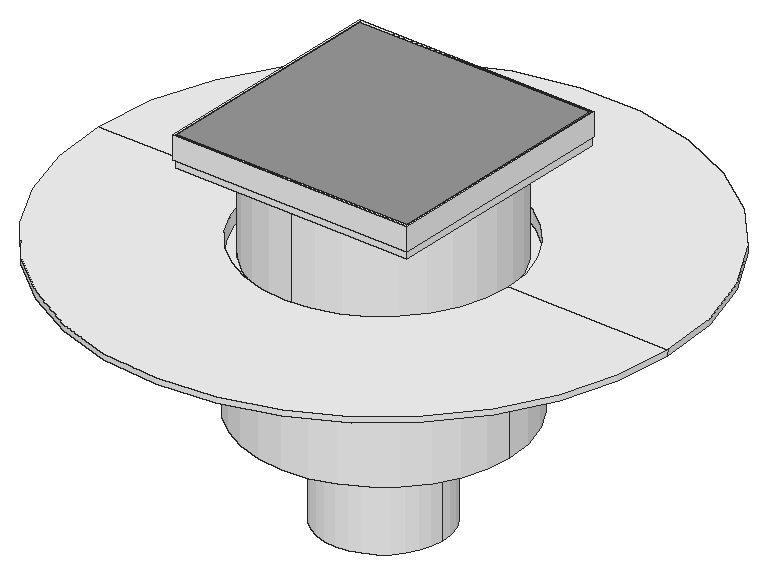
Revit family "HL_RU_Roof drain_HL62BP-B-221103", category Sanitärinstallationen, Revit 2020
Family settings
  Bemaßung runder Anschluss = Durchmesser verwenden
  Teiletyp = Normal
  OmniClass-Nummer = 23.70.50.21.24.14
  OmniClass-Titel = Deck Waste Water Drains
  Arbeitsebenenbasiert = Nein
  Immer vertikal = Ja
  Beim Laden mit Abzugskörper schneiden = Nein
  Gemeinsam genutzt = Nein
  Raumberechnungspunkt = Ja
Parameters (values of type "HL_Кровельная воронка_HL62BP_7")
  РЕШЁТКА = "Edelstahl 137x137mm"
  РАЗМЕР = "DN75"
  ПРОПУСКНАЯ СПОСОБНОСТЬ [instance] = 0.0 L/s
  ПРОИЗВОДИТЕЛЬНОСТЬ = "6,0 l/s"
  ПРАВОВАЯ ИНФОРМАЦИЯ = "Авторские права(©), права на дизайн или какие либо другие права интелектуальной собственности являются исключительной собственностью компании HL Hutterer & Lechner. Изменению не подлежит. Файл семейства с данными о прозводителе изделия защищен паролем с водяным знаком."
  НОМИНАЛЬНЫЙ ДИАМЕТР = 75 mm
  НАСАДКА = "12-65mm/148x148mm"
  МАТЕРИАЛ = "PP/PVC"
  МАКСИМАЛЬНАЯ НАГРУЗКА КЛАССА = "K - 300 kg"
  ВЫСОТА МОНТАЖА = "120 mm"
  ВЕС = "1,4 [kg]"
  Vorgabe-Ansicht = 0 mm
  Hersteller = "HL Hutterer & Lechner GmbH"  # constant formula
  URL = "http://www.hutterer-lechner.com/ru/products/catalog/roof-drains/HL62BP/7.aspx"
  Материал плитка [instance] = none
  Lüftungsverbindung = no
  Abwasserrohrverbindung = yes
  HW-Verbindung = no
  KW-Verbindung = no
  Beschreibung = "Кровельные воронки"
  Model = "HL62BP_7"
  Assembly Code = " "
  Typenkommentare = "HL62BP/7 Кровельная воронка DN75 с ПВХ_консолью для эксплуатируемой кровли _ 148х148мм/137х137мм,"
  Keynote = "HL62BP_7"
  Bысота монтажа [instance] = 65 mm  # constant formula
  G [instance] = 180.00°  # constant formula
  EAN = "9003076022311"
  D [instance] = if(НОМИНАЛЬНЫЙ ДИАМЕТР = 75 mm, 58 mm, 60 mm) + Bысота монтажа  # 123 mm
  C [instance] = if(Bысота монтажа - 68 mm < 0 mm, 0 mm, Bысота монтажа - 68 mm)  # 0 mm
  B [instance] = 100 mm  # constant formula
  A [instance] = if(B - 100 mm > 15 mm, B - 100 mm, 15 mm)  # 15 mm
Types (5, lengths in mm): name | РАЗМЕР | НОМИНАЛЬНЫЙ ДИАМЕТР | ВЕС | URL | Model | Typenkommentare | Keynote | EAN | D
  (no name) | "DN75" | 75 | "1,4 [kg]" | "http://www.hutterer-lechner.com/ru/products/catalog/roof-drains/HL62BP/7.aspx" | "HL62BP_7" | "HL62BP/7 Кровельная воронка DN75 с ПВХ_консолью для эксплуатируемой кровли _ 148х148мм/137х137мм," | "HL62BP_7" | "9003076022311" | 123
  HL_Кровельная воронка_HL62BP_1 | "DN110" | 110 | "1,36 [kg]" | "http://www.hutterer-lechner.com/ru/products/catalog/roof-drains/HL62BP/1.aspx" | "HL62BP_1" | "HL62BP/1 Кровельная воронка DN110 с ПВХ_консолью для эксплуатируемой кровли _ 148х148мм/137х137мм," | "HL62BP_1" | "9003076022250" | 125
  HL_Кровельная воронка_HL62BP_2 | "DN125" | 125 | "1,67 [kg]" | "http://www.hutterer-lechner.com/ru/products/catalog/roof-drains/HL62BP/2.aspx" | "HL62BP_2" | "HL62BP/2 Кровельная воронка DN125 с ПВХ_консолью для эксплуатируемой кровли _ 148х148мм/137х137мм," | "HL62BP_2" | "9003076022274" | 125
  HL_Кровельная воронка_HL62BP_5 | "DN160" | 160 | "1,72 [kg]" | "http://www.hutterer-lechner.com/ru/products/catalog/roof-drains/HL62BP/5.aspx" | "HL62BP_5" | "HL62BP/5 Кровельная воронка DN160 с ПВХ_консолью для эксплуатируемой кровли _ 148х148мм/137х137мм," | "HL62BP_5" | "9003076022298" | 125
  HL_Кровельная воронка_HL62BP_7 | "DN75" | 75 | "1,4 [kg]" | "http://www.hutterer-lechner.com/ru/products/catalog/roof-drains/HL62BP/7.aspx" | "HL62BP_7" | "HL62BP/7 Кровельная воронка DN75 с ПВХ_консолью для эксплуатируемой кровли _ 148х148мм/137х137мм," | "HL62BP_7" | "9003076022311" | 123
Reference planes
  plane 1 "Center (Front/Back)": y = 0
  plane 2: z = 0
  plane 3 "Center (Left/Right)": x = 0
  plane 4: z = -100
  plane 5: z = -65
Lines and regions (mm)
  model lines, style "InvisibleLines"
    curve 1: line (0, 0, 0) -> (0, 0, 20)
  model lines, style "PlumbingFixtures", detail levels coarse+medium
    curve 2: line (0, 0, -100) -> (0, 0, -85)
    curve 3: line (0, 0, -85) -> (-85, 0, 0)
    curve 4: line (0, 0, -85) -> (85, 0, 0)
    curve 6: line (0, 0, -100) -> (0, 0, -223)
  reference lines, not visible
    curve 5: line (0, 0, -100) -> (0, 0, -223)
  symbolic lines, style "PlumbingFixtures", detail levels coarse+medium
    curve 7: line (-75, 75, 0) -> (75, 75, 0)
    curve 8: line (-75, -75, 0) -> (-75, 75, 0)
    curve 9: line (75, -75, 0) -> (-75, -75, 0)
    curve 10: line (75, 75, 0) -> (75, -75, 0)
    curve 11: line (-75, 75, 0) -> (-145.711, 145.711, 0)
    curve 12: line (75, 75, 0) -> (145.711, 145.711, 0)
    curve 13: line (-75, -75, 0) -> (-145.711, -145.711, 0)
    curve 14: line (75, -75, 0) -> (145.711, -145.711, 0)
  symbolic lines, style "PlumbingFixtures", not visible, detail levels coarse+medium
    curve 15: line (-75, 75, 0) -> (75, 75, 0)
    curve 16: line (-75, -75, 0) -> (-75, 75, 0)
    curve 17: line (75, -75, 0) -> (-75, -75, 0)
    curve 18: line (75, 75, 0) -> (75, -75, 0)
    curve 19: line (-75, 75, 0) -> (-145.711, 145.711, 0)
    curve 20: line (75, 75, 0) -> (145.711, 145.711, 0)
    curve 21: line (-75, -75, 0) -> (-145.711, -145.711, 0)
    curve 22: line (75, -75, 0) -> (145.711, -145.711, 0)
Text (mm)
  text "FLOOR" at (-162.344, 0, -10.979), in view "Drain Construction View"
Dimensions and locks
  "B": plane 2 to plane 4
  "Bысота монтажа": plane 2 to plane 5
  "A": curve 4 to plane 4
  "D": curve 5 to curve 5
  "D": curve 6 to curve 6
  locked: curve 4 to plane 3 "Center (Left/Right)" (angle 45.00°)
  locked: plane 3 "Center (Left/Right)" to curve 3 (angle 45.00°)
  "G": angle curve 5 to plane 3 "Center (Left/Right)"
  aligned and locked: level to plane 2
  aligned and locked: plane 2 to curve 4
  aligned and locked: plane 2 to curve 3
  aligned and locked: plane 4 to curve 5
  aligned and locked: plane 3 "Center (Left/Right)" to curve 5
  aligned and locked: plane 4 to curve 2
  aligned and locked: curve 6 to plane 3 "Center (Left/Right)"
  aligned and locked: curve 6 to plane 4
  aligned and locked: plane 3 "Center (Left/Right)" to nested 1
  aligned and locked: plane 2 to nested 1
  aligned and locked: plane 3 "Center (Left/Right)" to nested 2
  aligned and locked: nested 2 to plane 5
Automatic sketch dimensions
  curve 2 to plane 3 "Center (Left/Right)" = 0 mm
  curve 1 to plane 3 "Center (Left/Right)" = 0 mm
  curve 1 to level = 0 mm
  level to curve 1 = 20 mm
Nested families
  nested 1: "HL_Насадка_HL66.9S" at (0, 0, 0), Bысота монтажа <- "Bысота монтажа", type "HL_Grate frame_HL66.9S"
    with L 93 mm, IHmin 12 mm, IHmax 65 mm, Bысота монтажа 65 mm
  nested 2: "HL_кровельные воронки - корпус_HL62P" at (0, 0, -65), НОМИНАЛЬНЫЙ ДИАМЕТР <- "НОМИНАЛЬНЫЙ ДИАМЕТР", type "HL_кровельные воронки - корпус_HL62P"
    with НОМИНАЛЬНЫЙ ДИАМЕТР 75 mm, L 62 mm
Connectors
  piping at (0, 0, -223), diameter 75, driven by "ПРОПУСКНАЯ СПОСОБНОСТЬ", driven by "НОМИНАЛЬНЫЙ ДИАМЕТР"
    settings: on curve 5, index 1, connector inside diameter 609.6 mm, connector length 0 mm, flow factor 0, pipe flow 0.0 L/s, pressure drop 0.0 Pa, fitting loss kfactor 0, connector angle 0.00°, fixture units 0, engagement length 0 mm, angle of deflection 0.00°, flow configuration 1, flow direction 2, fitting loss method 0, system type 16, joint type 0, gender type 0, connector reference index -1, connector utility 0, adjustable connector yes, is connector primary yes, connector description ""
Definition of nested family "HL_Насадка_HL66.9S"
  Parameters (values of type "HL_Grate frame_HL66.9S")
    РЕШЁТКА = "Edelstahl 138x138mm"
    РАЗМЕР = "d 145 mm"
    ПРАВОВАЯ ИНФОРМАЦИЯ = "Авторские права(©), права на дизайн или какие либо другие права интелектуальной собственности являются исключительной собственностью компании HL Hutterer & Lechner. Изменению не подлежит. Файл семейства с данными о прозводителе изделия защищен паролем с водяным знаком."
    НАСАДКА = "147x147mm"
    МАТЕРИАЛ = "PP"
    МАКСИМАЛЬНАЯ НАГРУЗКА КЛАССА = "K - 300 kg"
    ВЫСОТА МОНТАЖА = "12-65mm"
    Материал плитка = none
    ВЕС = "0,345 [kg]"
    Default Elevation = 0 mm
    L [instance] = if(Bысота монтажа < IHmin, -100 mm, if(Bысота монтажа > IHmax, -100 mm, Bысота монтажа + 28 mm))  # 93 mm
    Manufacturer = "HL Hutterer & Lechner GmbH"
    URL = "http://www.hutterer-lechner.com/ru/products/catalog/roof-drains/HL66.9.aspx"
    Description = "Кровельные воронки"
    Model = "HL66.9"
    Type Comments = "HL66.9, Насадка d 145мм с бороздками/147х147мм/138х138мм"
    Keynote = "HL66.9"
    Bысота монтажа [instance] = 65 mm
    IHmin [instance] = 12 mm
    IHmax [instance] = 65 mm
    EAN = "9003076014606"
    Cost = 0
  Reference planes
    plane 1 "Střed (vpředu/vzadu)": y = 0
    plane 2: z = 0
    plane 3 "Střed (vlevo/vpravo)": x = 0
  Forms (mm)
    Revolve 1, solid, detail levels fine
      sketch origin (0, 0, 128) x (0, 1, 0) y (0, 0, 1)
        loop
          line (72.5, -142) -> (69.248, -142) -> (69.248, -221) -> (72.5, -221) -> (72.5, -142)
        axis (0, -142) -> (0, -221)
      angle from 0 to 360
    Extrusion 2, solid, detail levels fine
      sketch origin (-1.537, 0, -14.6) x (0, 1, 0) y (-1, 0, 0)
        loop
          line (74, 72.459) -> (-74, 72.459) -> (-74, -75.537) -> (74, -75.537) -> (74, 72.459)
        loop
          line (73, 71.463) -> (-73, 71.463) -> (-73, -74.537) -> (73, -74.537) -> (73, 71.463)
      from 0.6 to 14.6
    Extrusion 3, solid, detail levels fine
      sketch origin (-1.537, 0, -14) x (-1, 0, 0) y (0, 1, 0)
        loop
          line (71.463, 73) -> (-74.537, 73) -> (-74.537, -73) -> (71.463, -73) -> (71.463, 73)
        loop
          circle (-1.537, 0) r 72.5
      from 0 to 5
    Extrusion 4, solid, detail levels fine
      sketch origin (-1.537, 0, -14) x (-1, 0, 0) y (0, -1, 0)
        loop
          line (70.95, -72.397) -> (70.95, 72.463) -> (-74.05, 72.463) -> (-74.05, -72.397) -> (70.95, -72.397)
      from 0 to 14
    Revolve 5, solid, detail levels fine
      sketch origin (0, 75.989, -93) x (0, -1, 0) y (0, 0, -1)
        loop
          line (3.489, -20) -> (3.489, 0) -> (0.186, 0) -> (-2.325, -2.511) -> (-2.325, -20) -> (3.489, -20)
        axis (75.989, -20) -> (75.989, 0)
      angle from 0 to 360
  Lines and regions (mm)
    model lines, detail levels fine
      curve 1: line (36.25, 24.325, 0) -> (36.25, -24.42, 0)
      curve 2: line (43.75, -24.42, 0) -> (43.75, 24.325, 0)
      curve 3: line (52.25, 40.306, 0) -> (52.25, -40.355, 0)
      curve 4: line (59.75, -40.355, 0) -> (59.75, 40.306, 0)
      curve 5: line (20.25, 8.588, 0) -> (20.25, -8.684, 0)
      curve 6: line (27.75, -8.684, 0) -> (27.75, 8.588, 0)
      curve 7: arc (27.75, 8.588, 0) -> (24, 12.338, 0) -> (20.25, 8.588, 0) r 3.75
      curve 8: arc (20.25, -8.684, 0) -> (24, -12.434, 0) -> (27.75, -8.684, 0) r 3.75
      curve 9: arc (36.25, -24.42, 0) -> (40, -28.17, 0) -> (43.75, -24.42, 0) r 3.75
      curve 10: arc (43.75, 24.325, 0) -> (40, 28.075, 0) -> (36.25, 24.325, 0) r 3.75
      curve 11: arc (59.75, 40.306, 0) -> (56, 44.056, 0) -> (52.25, 40.306, 0) r 3.75
      curve 12: arc (52.25, -40.355, 0) -> (56, -44.105, 0) -> (59.75, -40.355, 0) r 3.75
      curve 13: line (-24.325, -36.25, 0) -> (24.42, -36.25, 0)
      curve 14: line (24.42, -43.75, 0) -> (-24.325, -43.75, 0)
      curve 15: line (-40.306, -52.25, 0) -> (40.355, -52.25, 0)
      curve 16: line (40.355, -59.75, 0) -> (-40.306, -59.75, 0)
      curve 17: line (-8.588, -20.25, 0) -> (8.684, -20.25, 0)
      curve 18: line (8.684, -27.75, 0) -> (-8.588, -27.75, 0)
      curve 19: arc (-8.588, -27.75, 0) -> (-12.338, -24, 0) -> (-8.588, -20.25, 0) r 3.75
      curve 20: arc (8.684, -20.25, 0) -> (12.434, -24, 0) -> (8.684, -27.75, 0) r 3.75
      curve 21: arc (24.42, -36.25, 0) -> (28.17, -40, 0) -> (24.42, -43.75, 0) r 3.75
      curve 22: arc (-24.325, -43.75, 0) -> (-28.075, -40, 0) -> (-24.325, -36.25, 0) r 3.75
      curve 23: arc (-40.306, -59.75, 0) -> (-44.056, -56, 0) -> (-40.306, -52.25, 0) r 3.75
      curve 24: arc (40.355, -52.25, 0) -> (44.105, -56, 0) -> (40.355, -59.75, 0) r 3.75
      curve 25: line (36.25, -24.42, 0) -> (36.25, 24.325, 0)
      curve 26: line (43.75, 24.325, 0) -> (43.75, -24.42, 0)
      curve 27: line (52.25, -40.355, 0) -> (52.25, 40.306, 0)
      curve 28: line (59.75, 40.306, 0) -> (59.75, -40.355, 0)
      curve 29: line (20.25, -8.684, 0) -> (20.25, 8.588, 0)
      curve 30: line (27.75, 8.588, 0) -> (27.75, -8.684, 0)
      curve 31: arc (27.75, -8.588, 0) -> (24, -12.338, 0) -> (20.25, -8.588, 0) r 3.75
      curve 32: arc (20.25, 8.684, 0) -> (24, 12.434, 0) -> (27.75, 8.684, 0) r 3.75
      curve 33: arc (36.25, 24.42, 0) -> (40, 28.17, 0) -> (43.75, 24.42, 0) r 3.75
      curve 34: arc (43.75, -24.325, 0) -> (40, -28.075, 0) -> (36.25, -24.325, 0) r 3.75
      curve 35: arc (59.75, -40.306, 0) -> (56, -44.056, 0) -> (52.25, -40.306, 0) r 3.75
      curve 36: arc (52.25, 40.355, 0) -> (56, 44.105, 0) -> (59.75, 40.355, 0) r 3.75
      curve 37: line (24.42, -36.25, 0) -> (-24.325, -36.25, 0)
      curve 38: line (-24.325, -43.75, 0) -> (24.42, -43.75, 0)
      curve 39: line (40.355, -52.25, 0) -> (-40.306, -52.25, 0)
      curve 40: line (-40.306, -59.75, 0) -> (40.355, -59.75, 0)
      curve 41: line (8.684, -20.25, 0) -> (-8.588, -20.25, 0)
      curve 42: line (-8.588, -27.75, 0) -> (8.684, -27.75, 0)
      curve 43: arc (8.588, -27.75, 0) -> (12.338, -24, 0) -> (8.588, -20.25, 0) r 3.75
      curve 44: arc (-8.684, -20.25, 0) -> (-12.434, -24, 0) -> (-8.684, -27.75, 0) r 3.75
      curve 45: arc (-24.42, -36.25, 0) -> (-28.17, -40, 0) -> (-24.42, -43.75, 0) r 3.75
      curve 46: arc (24.325, -43.75, 0) -> (28.075, -40, 0) -> (24.325, -36.25, 0) r 3.75
      curve 47: arc (40.306, -59.75, 0) -> (44.056, -56, 0) -> (40.306, -52.25, 0) r 3.75
      curve 48: arc (-40.355, -52.25, 0) -> (-44.105, -56, 0) -> (-40.355, -59.75, 0) r 3.75
      curve 49: line (-36.25, 24.325, 0) -> (-36.25, -24.325, 0)
      curve 50: line (-43.75, -24.325, 0) -> (-43.75, 24.325, 0)
      curve 51: line (-52.25, 40.306, 0) -> (-52.25, -40.306, 0)
      curve 52: line (-59.75, -40.306, 0) -> (-59.75, 40.306, 0)
      curve 53: line (-20.25, 8.588, 0) -> (-20.25, -8.588, 0)
      curve 54: line (-27.75, -8.684, 0) -> (-27.75, 8.588, 0)
      curve 55: arc (-27.75, 8.588, 0) -> (-24, 12.338, 0) -> (-20.25, 8.588, 0) r 3.75
      curve 56: arc (-20.25, -8.684, 0) -> (-24, -12.434, 0) -> (-27.75, -8.684, 0) r 3.75
      curve 57: arc (-43.75, 24.325, 0) -> (-40, 28.075, 0) -> (-36.25, 24.325, 0) r 3.75
      curve 58: arc (-59.75, 40.306, 0) -> (-56, 44.056, 0) -> (-52.25, 40.306, 0) r 3.75
      curve 59: line (-36.25, -24.325, 0) -> (-36.25, 24.325, 0)
      curve 60: line (-43.75, 24.325, 0) -> (-43.75, -24.325, 0)
      curve 61: line (-52.25, -40.306, 0) -> (-52.25, 40.306, 0)
      curve 62: line (-59.75, 40.306, 0) -> (-59.75, -40.306, 0)
      curve 63: line (-20.25, -8.588, 0) -> (-20.25, 8.588, 0)
      curve 64: line (-27.75, 8.588, 0) -> (-27.75, -8.684, 0)
      curve 65: arc (-27.75, -8.588, 0) -> (-24, -12.338, 0) -> (-20.25, -8.588, 0) r 3.75
      curve 66: arc (-20.25, 8.684, 0) -> (-24, 12.434, 0) -> (-27.75, 8.684, 0) r 3.75
      curve 67: arc (-36.25, 24.42, 0) -> (-40, 28.17, 0) -> (-43.75, 24.42, 0) r 3.75
      curve 68: arc (-43.75, -24.325, 0) -> (-40, -28.075, 0) -> (-36.25, -24.325, 0) r 3.75
      curve 69: arc (-59.75, -40.306, 0) -> (-56, -44.056, 0) -> (-52.25, -40.306, 0) r 3.75
      curve 70: arc (-52.25, 40.355, 0) -> (-56, 44.105, 0) -> (-59.75, 40.355, 0) r 3.75
      curve 71: line (-24.42, 36.25, 0) -> (24.325, 36.25, 0)
      curve 72: line (24.42, 43.75, 0) -> (-24.42, 43.75, 0)
      curve 73: line (-40.355, 52.25, 0) -> (40.306, 52.25, 0)
      curve 74: line (40.306, 59.75, 0) -> (-40.355, 59.75, 0)
      curve 75: line (-8.588, 20.25, 0) -> (8.588, 20.25, 0)
      curve 76: line (8.684, 27.75, 0) -> (-8.588, 27.75, 0)
      curve 77: arc (-8.588, 27.75, 0) -> (-12.338, 24, 0) -> (-8.588, 20.25, 0) r 3.75
      curve 78: arc (8.684, 20.25, 0) -> (12.434, 24, 0) -> (8.684, 27.75, 0) r 3.75
      curve 79: arc (24.42, 36.25, 0) -> (28.17, 40, 0) -> (24.42, 43.75, 0) r 3.75
      curve 80: line (24.325, 36.25, 0) -> (-24.42, 36.25, 0)
      curve 81: line (-24.42, 43.75, 0) -> (24.42, 43.75, 0)
      curve 82: line (40.306, 52.25, 0) -> (-40.355, 52.25, 0)
      curve 83: line (-40.355, 59.75, 0) -> (40.306, 59.75, 0)
      curve 84: line (8.588, 20.25, 0) -> (-8.588, 20.25, 0)
      curve 85: line (-8.588, 27.75, 0) -> (8.684, 27.75, 0)
      curve 86: arc (8.588, 27.75, 0) -> (12.338, 24, 0) -> (8.588, 20.25, 0) r 3.75
      curve 87: arc (-8.684, 20.25, 0) -> (-12.434, 24, 0) -> (-8.684, 27.75, 0) r 3.75
      curve 88: arc (-24.42, 36.25, 0) -> (-28.17, 40, 0) -> (-24.42, 43.75, 0) r 3.75
      curve 89: arc (24.325, 43.75, 0) -> (28.075, 40, 0) -> (24.325, 36.25, 0) r 3.75
      curve 90: arc (40.306, 59.75, 0) -> (44.056, 56, 0) -> (40.306, 52.25, 0) r 3.75
      curve 91: arc (-40.355, 52.25, 0) -> (-44.105, 56, 0) -> (-40.355, 59.75, 0) r 3.75
    reference lines
      curve 92: line (0, 75.989, -93) -> (0, -174.011, -93)
  Dimensions and locks
    Extrusion 2 sketch curve to Extrusion 2 sketch curve = 147.996 mm
    Extrusion 2 sketch curve to Extrusion 2 sketch curve = 148 mm
    "L": curve 92 to plane 2
    aligned and locked: level to plane 2
    aligned and locked: Revolve 1 to curve 92
  Automatic sketch dimensions
    plane 1 "Střed (vpředu/vzadu)" to Extrusion 2 sketch curve = 74 mm
    Extrusion 2 sketch curve to Extrusion 2 sketch curve = 1 mm  (x3)
    plane 3 "Střed (vlevo/vpravo)" to Extrusion 2 sketch curve = 74 mm
    Extrusion 2 sketch curve to Extrusion 2 sketch curve = 0.996 mm
    Extrusion 3 sketch curve to Extrusion 2 = 0 mm  (x4)
    Extrusion 3 sketch curve to Extrusion 2 = 73 mm  (x2)
    Extrusion 2 to curve 16 = 13.25 mm
    curve 24 to curve 47 = 3.75 mm
    curve 47 to curve 24 = 0 mm
    curve 48 to curve 23 = 0 mm  (x2)
    curve 23 to curve 38 = 8.5 mm
    curve 24 to curve 12 = 11.895 mm
    curve 12 to curve 35 = 0.048 mm
    curve 15 to curve 69 = 11.944 mm
    curve 22 to curve 45 = 3.75 mm
    curve 21 to curve 46 = 3.75 mm
    curve 46 to curve 21 = 0 mm
    curve 22 to curve 18 = 8.5 mm
    curve 21 to curve 9 = 11.83 mm
    curve 13 to curve 49 = 11.925 mm
    curve 9 to curve 34 = 0.095 mm
    curve 18 to curve 19 = 3.75 mm
    curve 44 to curve 19 = 0 mm  (x2)
    curve 43 to curve 20 = 0 mm
    curve 20 to curve 5 = 11.566 mm
    curve 49 to curve 64 = 15.642 mm
    curve 8 to curve 31 = 0.095 mm
    curve 56 to curve 53 = 0.095 mm
    curve 65 to curve 64 = 17.177 mm
    curve 31 to curve 29 = 17.177 mm
    curve 7 to curve 32 = 0.095 mm
    curve 55 to curve 66 = 0.095 mm
    curve 32 to curve 84 = 11.566 mm
    curve 86 to curve 78 = 3.75 mm
    curve 86 to curve 78 = 0 mm
    curve 77 to curve 87 = 3.75 mm
    curve 87 to curve 77 = 0 mm  (x2)
    curve 66 to curve 60 = 15.642 mm
    curve 32 to curve 26 = 15.642 mm
    curve 10 to curve 33 = 0.095 mm
    curve 57 to curve 67 = 0.095 mm
    curve 33 to curve 71 = 11.83 mm
    curve 89 to curve 89 = 3.75 mm
    curve 88 to curve 88 = 3.75 mm
    curve 89 to curve 79 = 0 mm
    curve 33 to curve 11 = 15.886 mm
    curve 67 to curve 51 = 15.886 mm
    curve 58 to curve 70 = 0.048 mm
    curve 11 to curve 36 = 0.048 mm
    curve 70 to curve 73 = 11.895 mm
    curve 90 to curve 90 = 3.75 mm
    Extrusion 2 to curve 28 = 13.25 mm
    curve 4 to curve 11 = 3.75 mm
    curve 35 to curve 12 = 0 mm
    curve 36 to curve 11 = 0 mm
    curve 3 to curve 2 = 8.5 mm
    curve 3 to curve 39 = 11.895 mm
    curve 11 to curve 83 = 11.944 mm
    curve 24 to curve 47 = 0.048 mm
    curve 26 to curve 9 = 3.75 mm
    curve 33 to curve 10 = 0 mm
    curve 34 to curve 9 = 0 mm
    curve 34 to curve 30 = 8.5 mm
    curve 90 to curve 72 = 15.886 mm
    curve 1 to curve 21 = 11.83 mm
    curve 79 to curve 80 = 0.095 mm
    curve 21 to curve 46 = 0.095 mm
    curve 6 to curve 32 = 3.75 mm
    curve 6 to curve 8 = 3.75 mm
    curve 31 to curve 8 = 0 mm
    curve 29 to curve 17 = 11.566 mm
    curve 7 to curve 78 = 11.566 mm
    curve 78 to curve 86 = 0.095 mm
    curve 20 to curve 43 = 0.095 mm
    curve 43 to curve 41 = 17.177 mm
    curve 86 to curve 77 = 17.177 mm
    curve 19 to curve 44 = 0.095 mm
    curve 77 to curve 87 = 0.095 mm
    curve 87 to curve 53 = 11.566 mm
    curve 53 to curve 66 = 3.75 mm
    curve 55 to curve 66 = 0 mm
    curve 56 to curve 54 = 3.75 mm
    curve 65 to curve 56 = 0 mm
    curve 44 to curve 14 = 15.642 mm
    curve 22 to curve 45 = 0.095 mm
    curve 87 to curve 72 = 15.736 mm
    curve 45 to curve 59 = 11.83 mm
    curve 57 to curve 67 = 3.75 mm
    curve 68 to curve 68 = 3.75 mm
    curve 45 to curve 15 = 15.886 mm
    curve 23 to curve 48 = 0.048 mm
    curve 72 to curve 74 = 15.935 mm
    curve 91 to curve 51 = 11.895 mm
    curve 51 to curve 70 = 3.75 mm
    curve 51 to curve 69 = 3.75 mm
    curve 45 to curve 22 = 0 mm
    curve 36 to curve 28 = 0 mm
    curve 33 to curve 2 = 0 mm
    curve 32 to curve 30 = 0 mm
    curve 66 to curve 55 = 0 mm
    curve 67 to curve 57 = 0 mm
    curve 70 to curve 51 = 0 mm
    Extrusion 4 sketch curve to Extrusion 3 = 0.487 mm
    Extrusion 4 sketch curve to Extrusion 3 = 0.513 mm
    Extrusion 4 sketch curve to Extrusion 3 = 0.603 mm
    Extrusion 4 sketch curve to Extrusion 3 = 0.537 mm
    Revolve 1 sketch curve to plane 1 "Střed (vpředu/vzadu)" = 0 mm
    Revolve 1 sketch curve to level = 14 mm
    Revolve 1 sketch curve to plane 1 "Střed (vpředu/vzadu)" = 69.248 mm
    Revolve 1 sketch curve to Revolve 1 sketch curve = 3.252 mm
    Revolve 1 sketch curve to Revolve 1 sketch curve = 79 mm
    Revolve 1 sketch curve to Revolve 1 sketch curve = 17.5 mm
    level to Revolve 1 sketch curve = 144.5 mm
    Revolve 5 sketch curve to curve 92 = 0 mm
    Revolve 5 sketch curve to curve 92 = 2.325 mm
    curve 92 to Revolve 5 sketch curve = 0.186 mm
    curve 92 to Revolve 5 sketch curve = 3.489 mm
    Revolve 5 sketch curve to curve 92 = 2.511 mm
    Revolve 5 sketch curve to curve 92 = 20 mm
    curve 92 to Revolve 5 sketch curve = 75.989 mm
    Revolve 5 sketch curve to curve 92 = 393 mm
    curve 92 to Revolve 5 sketch curve = 207 mm
    plane 1 "Střed (vpředu/vzadu)" to curve 92 = 174.011 mm
    curve 92 to plane 1 "Střed (vpředu/vzadu)" = 75.989 mm
    radius of Extrusion 3 sketch curve = 72.5 mm
Definition of nested family "HL_кровельные воронки - корпус_HL62P"
  Parameters (values of type "HL_кровельные воронки - корпус_HL62P")
    НОМИНАЛЬНЫЙ ДИАМЕТР [instance] = 110 mm
    Default Elevation = 0 mm
    Manufacturer = ""
    URL = ""
    Description = ""
    Model = ""
    L [instance] = if(НОМИНАЛЬНЫЙ ДИАМЕТР = 75 mm, 62 mm, 64 mm)  # 64 mm
    Type Comments = ""
    Cost = 0
  Reference planes
    plane 1 "Střed (vpředu/vzadu)": y = 0
    plane 2: z = 0
    plane 3 "Střed (vlevo/vpravo)": x = 0
    plane 4: z = -96
  Forms (mm)
    Revolve 1, solid, detail levels fine
      sketch origin (0, 0, 0) x (1, 0, 0) y (0, 0, 1)
        loop
          line (-180, -3.5) -> (-82.249, -3.5) -> (-82.249, -17.614) -> (-80.086, -21.361) -> (-80.086, -96) -> (0, -96) -> (0, -32.798) -> (-64.677, -32.798) -> (-66.635, -30.2) -> (-74.72, -30.2) -> (-74.72, -23.557) -> (-78.967, -16.49) -> (-78.967, 0) -> (-180, 0) -> (-180, -3.5)
        axis (0, 0) -> (0, -96)
      angle from 0 to 360
    Extrusion 2, solid, detail levels fine
      sketch origin (-80.086, -1524, -96) x (-1, 0, 0) y (0, -1, 0)
        loop
          circle (-80.086, -1524) r 55
      from 0 to -64
  Dimensions and locks
    "L": plane 4 to Extrusion 2
    "НОМИНАЛЬНЫЙ ДИАМЕТР": diameter of Extrusion 2 sketch curve
    aligned and locked: level to plane 2
  Automatic sketch dimensions
    Revolve 1 sketch curve to level = 0 mm
    Revolve 1 sketch curve to plane 3 "Střed (vlevo/vpravo)" = 0 mm  (x2)
    Revolve 1 sketch curve to plane 3 "Střed (vlevo/vpravo)" = 64.677 mm
    Revolve 1 sketch curve to level = 30.2 mm
    Revolve 1 sketch curve to Revolve 1 sketch curve = 1.958 mm
    Revolve 1 sketch curve to level = 23.557 mm
    Revolve 1 sketch curve to Revolve 1 sketch curve = 8.085 mm
    Revolve 1 sketch curve to Revolve 1 sketch curve = 4.247 mm
    Revolve 1 sketch curve to Revolve 1 sketch curve = 1.12 mm
    Revolve 1 sketch curve to Revolve 1 sketch curve = 3.283 mm
    Revolve 1 sketch curve to level = 3.5 mm
    Revolve 1 sketch curve to Revolve 1 sketch curve = 97.751 mm
    Revolve 1 sketch curve to Revolve 1 sketch curve = 2.599 mm
    Revolve 1 sketch curve to Revolve 1 sketch curve = 63.201 mm
    Revolve 1 sketch curve to Revolve 1 sketch curve = 2.197 mm
    Revolve 1 sketch curve to Revolve 1 sketch curve = 3.747 mm
    Revolve 1 sketch curve to Revolve 1 sketch curve = 1.124 mm
    level to Revolve 1 sketch curve = 45 mm
    Revolve 1 sketch curve to Revolve 1 sketch curve = 80 mm
    plane 1 "Střed (vpředu/vzadu)" to Extrusion 2 sketch curve = 0 mm
    Extrusion 2 sketch curve to plane 3 "Střed (vlevo/vpravo)" = 0 mm
